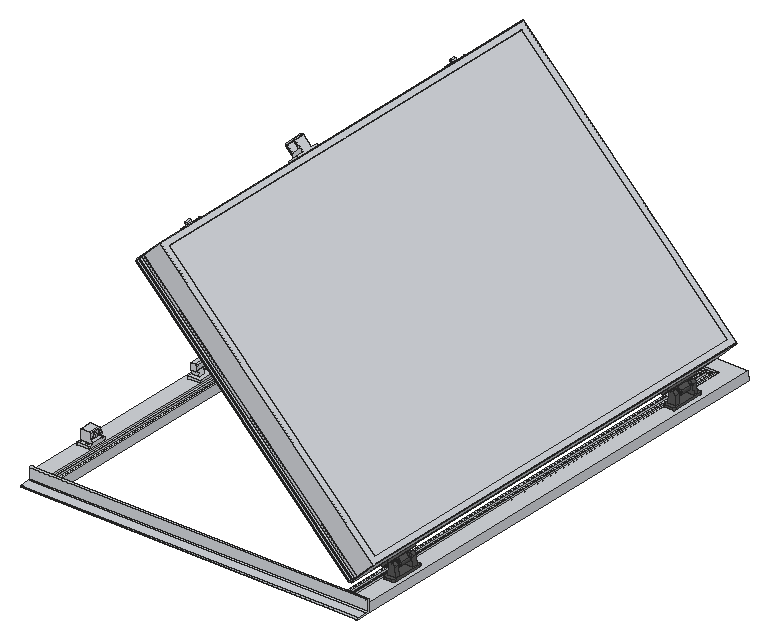
Revit family "Porta GBF", category Doors, host Face, Revit 2020
Family settings
  Host = Face
  Cut with Voids When Loaded = Yes
  Shared = No
  Room Calculation Point = No
Parameters (values of type "150 - 1400 x 2200")
  Width = Largura Vao Luz  # 1400 mm
  VISOR [instance] = yes
  VEDAÇÃO INFERIOR [instance] = yes
  TAMPÃO [instance] = ""
  TAG [instance] = ""
  RAL do TAMPÃO [instance] = none
  PISO [instance] = ""
  OBSERVAÇÃO [instance] = ""
  NÚCLEO = ""
  Material do Perfil [instance] = none
  Largura Vao Luz = 1400 mm
  Height = Altura Vao Luz  # 2200 mm
  FIXAÇÃO [instance] = ""
  Espessura Folha = 150 mm
  Espessura Painel [instance] = 200 mm
  Define Thermal Properties by = Schematic Type
  Default Elevation = 0 mm
  DETALHE [instance] = ""
  BUMPER [instance] = yes
  Angulo Abertura [instance] = 45.00°
  Altura Vao Luz = 2200 mm
  ABERTURA [instance] = ""
  4B [instance] = no
  3B [instance] = not([4B])  # yes
Types (3, lengths in mm): name | Width | Largura Vao Luz | Height | Espessura Folha | Espessura Painel | Angulo Abertura | Altura Vao Luz | 4B | 3B
  70 - 800 x 1800 | 800 | 800 | 1800 | 32 | 70 | 0.00° | 1800 | yes | no
  150 - 1400 x 2200 | 1400 | 1400 | 2200 | 150 | 200 | 45.00° | 2200 | no | yes
  100 - 1000 x 2100 | 1000 | 1000 | 2100 | 32 | 100 | 0.00° | 2100 | yes | no
Reference planes
  plane 1 "Centro (Frente/Trás)": y = 0
  plane 2: z = 0
  plane 3 "Centro (Esquerda/Direita)": x = 0
  plane 4: y = 2200
  plane 5: x = 445
  plane 6: y = 2257.5
  plane 7: z = -200
  plane 8: z = -100
  plane 9: z = 94.481
  plane 10: y = 271
  plane 11: y = 1993
  plane 12: x = 778.2
  plane 13: x = 935
  plane 14: x = 700
  plane 15: x = -700
  plane 16: y = 1020
  plane 17: z = 45
  plane 18: x = -790
  plane 19: y = 1943
  plane 20: y = 320
Forms (mm)
  Extrusion 1, void
    sketch origin (0, 0, 0) x (1, 0, 0) y (0, 1, 0)
      loop
        line (-700, 2257.5) -> (-700, 0) -> (700, 0) -> (700, 2257.5) -> (-700, 2257.5)
    from 0 to -200
Lines and regions (mm)
  reference lines
    curve 1: line (778.2, 0, 94.481) -> (722.925, 0, 149.756)
    curve 2: line (722.925, 0, 149.756) -> (747.674, 0, 174.504)
Dimensions and locks
  "Altura Vao Luz": plane 1 "Centro (Frente/Trás)" to plane 4
  plane 6 to plane 4 = 57.5 mm
  equal spacing: plane 2, plane 8, plane 7
  "Espessura Painel": plane 2 to plane 7
  locked: plane 9 to plane 2 at 94.481
  locked: plane 1 "Centro (Frente/Trás)" to plane 10 at 271
  locked: plane 11 to plane 4 at 207
  locked: plane 1 "Centro (Frente/Trás)" to plane 16 at 1020
  locked: plane 17 to plane 2 at 45
  equal spacing: plane 15, plane 3 "Centro (Esquerda/Direita)", plane 14
  "Largura Vao Luz": plane 15 to plane 14
  locked: plane 12 to plane 14 at 78.2
  curve 1 to curve 1 = 78.17 mm
  plane 18 to plane 15 = 90 mm
  locked: plane 19 to plane 6 at 314.5
  locked: plane 1 "Centro (Frente/Trás)" to plane 20 at 320
  "Angulo Abertura": angle curve 1 to plane 9
  locked: curve 1 to curve 2 (angle 90.00°)
  aligned and locked: plane 2 to host face
  aligned and locked: level to host face
  aligned and locked: Extrusion 1 sketch curve to plane 1 "Centro (Frente/Trás)"
  aligned and locked: Extrusion 1 sketch curve to plane 6
  aligned and locked: plane 3 "Centro (Esquerda/Direita)" to nested 1
  aligned and locked: plane 2 to nested 1
  aligned and locked: plane 12 to nested 3
  aligned and locked: Extrusion 1 sketch curve to plane 14
  aligned and locked: Extrusion 1 sketch curve to plane 15
  aligned and locked: plane 17 to nested 3
  aligned and locked: curve 1 to plane 9
  aligned and locked: plane 12 to nested 2
  aligned and locked: nested 2 to plane 9
  aligned and locked: plane 12 to curve 1
  aligned and locked: nested 4 to curve 1
  aligned and locked: nested 4 to curve 2
  aligned and locked: nested 6 to plane 18
  aligned and locked: nested 5 to plane 18
  aligned and locked: plane 17 to nested 5
  aligned and locked: nested 7 to plane 18
  aligned and locked: plane 17 to nested 7
  aligned and locked: plane 17 to nested 6
  aligned and locked: plane 16 to nested 6
  aligned and locked: nested 5 to plane 20
  aligned and locked: nested 7 to plane 19
  aligned and locked: Extrusion 1 to plane 7
Automatic sketch dimensions
  host sketch curve to host sketch curve = 2438.4 mm
  host sketch curve to host sketch curve = 3919.2 mm
Nested families
  nested 1: "GBF Moldura" at (0, 0, 0) x (1, 0, 0) z (0, 1, 0), Altura <- "Altura Vao Luz", Largura <- "Largura Vao Luz", 3b <- "3B", 4b <- "4B", Soleira <- "3B", Perfil <- "Material do Perfil", type "GC Moldura"
    with Soleira yes, Largura 1400 mm, Altura 2200 mm, 4b no, 3b yes
  nested 2: "GBF Dobradica" at (778.2, 271, 94.481) x (1, 0, 0) z (0, 1, 0), Angulo Abertura <- "Angulo Abertura", type "GC Dobradica"
    with Borracha Borracha, Angulo Abertura 45.00°
  nested 3: "GBF Dobradica" at (778.2, 1993, 94.481) x (1, 0, 0) z (0, 1, 0), Angulo Abertura <- "Angulo Abertura", type "GC Dobradica"
    with Borracha Borracha, Angulo Abertura 45.00°
  nested 4: "GBF Folha" at (160.068, 0, 576.848) x (0.7071, 0, -0.7071) z (0, 1, 0), Altura <- "Altura Vao Luz", Espessura <- "Espessura Folha", Largura <- "Largura Vao Luz", Perfil <- "Material do Perfil", TAMPÃO <- "RAL do TAMPÃO", type "GC Folha"
    with Largura 1400 mm, Espessura 150 mm, Altura 2200 mm
  nested 5: "GBF fechamento secundario" at (-790, 320, 45) x (1, 0, 0) z (0, 1, 0), Material <- "Material do Perfil", type "GBF fechamento secundario"
    with Material none
  nested 6: "GBF fechamento principal" at (-790, 1020, 45) x (1, 0, 0) z (0, 1, 0), Material <- "Material do Perfil", type "GBF fechamento principal"
    with Material none
  nested 7: "GBF fechamento secundario" at (-790, 1943, 45) x (1, 0, 0) z (0, 1, 0), Material <- "Material do Perfil", type "GBF fechamento secundario"
    with Material none
Definition of nested family "GBF Moldura"
  Parameters (values of type "GC Moldura")
    Soleira [instance] = yes
    Perfil [instance] = none
    Largura [instance] = 800 mm
    Default Elevation = 0 mm
    Altura [instance] = 2100 mm
    4b [instance] = yes
    3b [instance] = yes
  Reference planes
    plane 1 "Centro (Frente/Trás)": y = 0
    plane 2: z = 0
    plane 3 "Centro (Esquerda/Direita)": x = 0
    plane 4: x = -400
    plane 5: x = 400
    plane 6: z = 2100
    plane 7: x = -530
    plane 8: z = 2230
    plane 9: x = 530
  Forms (mm)
    Sweep 1, solid, material <- "Perfil", visible <- "3b"
      path origin (0, 0, 0) x (1, 0, 0) y (0, 0, 1)
        loop
          line (-400, 0) -> (-400, 2100) -> (400, 2100) -> (400, 0)
      profile "GC Perfil moldura : GC Perfil moldura" origin (-400, 0, 1050) x (-1, 0, 0) y (0, -1, 0)
        loop
          line (44, 3) -> (44, 16.5) -> (82, 16.5) -> (82, 3) -> (127, 3) -> (127, 42) -> (49.5, 42) -> (49.5, 33.5) -> (32.5, 33.5) -> (32.5, 41.5) -> (29, 41.5) -> (29, 33.5) -> (12, 33.5) -> (12, 42) -> (3, 42) -> (3, 3) -> (44, 3)
        loop
          line (54.5, 0) -> (54.5, 4) -> (47, 4) -> (47, 13.5) -> (79, 13.5) -> (79, 4) -> (71.5, 4) -> (71.5, 0) -> (130, 0) -> (130, 45) -> (46.5, 45) -> (46.5, 36.5) -> (35.5, 36.5) -> (35.5, 44.5) -> (26, 44.5) -> (26, 36.5) -> (15, 36.5) -> (15, 45) -> (0, 45) -> (0, 0) -> (54.5, 0)
    Extrusion 2, solid, material <- "Perfil", visible <- "Soleira"
      sketch origin (0, 0, 0) x (0, 1, 0) y (0, 0, 1)
        loop
          line (-60.174, -6.169) -> (-12.651, -7.828)
          arc (-12.651, -7.828) -> (-9.29, -9.29) -> (-7.828, -12.651) r 5
          line (-7.828, -12.651) -> (-6.169, -60.174)
          arc (-6.169, -60.174) -> (-4.645, -63.597) -> (-1.172, -65) r 5
          line (-1.172, -65) -> (0, -65) -> (0, 0) -> (-65, 0) -> (-65, -1.172)
          arc (-65, -1.172) -> (-63.597, -4.645) -> (-60.174, -6.169) r 5
      from -530 to 530
    Sweep 3, solid, material <- "Perfil", visible <- "4b"
      path origin (0, 0, 0) x (1, 0, 0) y (0, 0, 1)
        loop
          line (-400, 0) -> (400, 0) -> (400, 2100) -> (-400, 2100) -> (-400, 0)
      profile "GC Perfil moldura : GC Perfil moldura" origin (-400, 0, 1050) x (-1, 0, 0) y (0, -1, 0)
        loop
          line (44, 3) -> (44, 16.5) -> (82, 16.5) -> (82, 3) -> (127, 3) -> (127, 42) -> (49.5, 42) -> (49.5, 33.5) -> (32.5, 33.5) -> (32.5, 41.5) -> (29, 41.5) -> (29, 33.5) -> (12, 33.5) -> (12, 42) -> (3, 42) -> (3, 3) -> (44, 3)
        loop
          line (54.5, 0) -> (54.5, 4) -> (47, 4) -> (47, 13.5) -> (79, 13.5) -> (79, 4) -> (71.5, 4) -> (71.5, 0) -> (130, 0) -> (130, 45) -> (46.5, 45) -> (46.5, 36.5) -> (35.5, 36.5) -> (35.5, 44.5) -> (26, 44.5) -> (26, 36.5) -> (15, 36.5) -> (15, 45) -> (0, 45) -> (0, 0) -> (54.5, 0)
  Dimensions and locks
    equal spacing: plane 4, plane 3 "Centro (Esquerda/Direita)", plane 5
    "Largura": plane 4 to plane 5
    "Altura": plane 6 to plane 2
    locked: plane 7 to plane 4 at 130
    locked: plane 8 to plane 6 at 130
    equal spacing: plane 9, plane 3 "Centro (Esquerda/Direita)", plane 7
    aligned and locked: level to plane 2
    aligned and locked: plane 2 to Extrusion 2 sketch curve
    aligned and locked: plane 1 "Centro (Frente/Trás)" to Extrusion 2 sketch curve
    aligned and locked: plane 7 to Extrusion 2
    aligned and locked: plane 9 to Extrusion 2
  Automatic sketch dimensions
    plane 4 to Sweep 1 sketch curve = 0 mm
    Sweep 1 sketch curve to level = 0 mm  (x2)
    Sweep 1 sketch curve to plane 5 = 0 mm
    Sweep 1 sketch curve to plane 6 = 0 mm
    plane 1 "Centro (Frente/Trás)" to Extrusion 2 sketch curve = 1.172 mm
    Extrusion 2 sketch curve to Extrusion 2 sketch curve = 4.997 mm
    plane 1 "Centro (Frente/Trás)" to Extrusion 2 sketch curve = 7.828 mm
    Extrusion 2 sketch curve to Extrusion 2 sketch curve = 4.822 mm  (x2)
    Extrusion 2 sketch curve to Extrusion 2 sketch curve = 0.174 mm  (x3)
    Extrusion 2 sketch curve to level = 1.172 mm
    Extrusion 2 sketch curve to Extrusion 2 sketch curve = 47.349 mm  (x2)
    Extrusion 2 sketch curve to level = 6.169 mm
    Extrusion 2 sketch curve to level = 7.828 mm
    plane 4 to Sweep 3 sketch curve = 0 mm
    Sweep 3 sketch curve to plane 5 = 0 mm
    Sweep 3 sketch curve to level = 0 mm
    Sweep 3 sketch curve to plane 6 = 0 mm
Definition of nested family "GBF Dobradica"
  Parameters (values of type "GC Dobradica")
    Default Elevation = 1219.2 mm
    Borracha [instance] = none
    Angulo Abertura [instance] = 90.00°
  Reference planes
    plane 1 "Centro (Frente/Trás)": y = 0
    plane 2: z = 0
    plane 3 "Centro (Esquerda/Direita)": x = 0
    plane 4: y = 49.481
    plane 5: x = 9
    plane 6: x = -33.17
    plane 7: x = 27.75
    plane 8: x = -27.75
    plane 9: z = 82
    plane 10: z = -86
    plane 11: y = 38.481
    plane 12: z = 62
    plane 13: z = 40
    plane 14: z = -47
    plane 15: z = -66
  Forms (mm)
    Revolve 1, solid, material <- "Borracha"
      sketch origin (0, 0, 0) x (1, 0, 0) y (0, 0, 1)
        loop
          line (14, -27.007) -> (0, -27.007) -> (0, -47) -> (14, -47) -> (14, -38)
          arc (14, -38) -> (13.707, -37.293) -> (13, -37) r 1
          arc (13, -37) -> (13.707, -36.707) -> (14, -36) r 1
          line (14, -36) -> (14, -27.007)
        axis (0, -47) -> (0, -27.007)
      angle from 0 to 360
    Revolve 2, solid, material <- "Borracha"
      sketch origin (0, 0, 0) x (1, 0, 0) y (0, 0, -1)
        loop
          line (5.156, -27) -> (0, -27) -> (0, -40) -> (5.156, -40) -> (5.156, -27)
        axis (0, -40) -> (0, -27)
      angle from 0 to 360
    Extrusion 3, solid, material <- "Borracha"
      sketch origin (-17.75, -1524, -66) x (-1, 0, 0) y (0, -1, 0)
        loop
          line (1.5, -1562.481) -> (-1.436, -1520.505)
          arc (-1.436, -1520.505) -> (-5.854, -1511.242) -> (-15.402, -1507.481) r 14
          line (-15.402, -1507.481) -> (-20.098, -1507.481)
          arc (-20.098, -1507.481) -> (-29.646, -1511.242) -> (-34.064, -1520.505) r 14
          line (-34.064, -1520.505) -> (-37, -1562.481) -> (1.5, -1562.481)
      from 0 to 19
    Extrusion 4, solid, material <- "Borracha"
      sketch origin (-17.75, -1524, 40) x (-1, 0, 0) y (0, -1, 0)
        loop
          line (1.5, -1562.481) -> (-1.436, -1520.505)
          arc (-1.436, -1520.505) -> (-5.854, -1511.242) -> (-15.402, -1507.481) r 14
          line (-15.402, -1507.481) -> (-20.098, -1507.481)
          arc (-20.098, -1507.481) -> (-29.646, -1511.242) -> (-34.064, -1520.505) r 14
          line (-34.064, -1520.505) -> (-37, -1562.481) -> (1.5, -1562.481)
      from 0 to 22
    Extrusion 5, solid, material <- "Borracha"
      sketch origin (0, -33.17, 0) x (0, 0, 1) y (-1, 0, 0)
        loop
          line (82, -21) -> (82, 21) -> (-86, 21) -> (-86, -21) -> (82, -21)
      from 0 to -13
    Extrusion 6, solid, material <- "Borracha"
      sketch origin (-2.349, 38.481, 1200) x (-1, 0, 0) y (0, 0, 1)
        loop
          line (-20.099, -1286) -> (15.401, -1286)
          arc (15.401, -1286) -> (22.472, -1283.071) -> (25.401, -1276) r 10
          line (25.401, -1276) -> (25.401, -1128)
          arc (25.401, -1128) -> (22.472, -1120.929) -> (15.401, -1118) r 10
          line (15.401, -1118) -> (-20.099, -1118)
          arc (-20.099, -1118) -> (-27.17, -1120.929) -> (-30.099, -1128) r 10
          line (-30.099, -1128) -> (-30.099, -1276)
          arc (-30.099, -1276) -> (-27.17, -1283.071) -> (-20.099, -1286) r 10
      from 0 to 11
  Lines and regions (mm)
    reference lines
      curve 1: line (0, 0, 0) -> (0, -33.17, 0)
  Dimensions and locks
    locked: plane 4 to plane 11 at 11
    locked: Extrusion 5 sketch curve to Extrusion 5 sketch curve at 42
    locked: curve 1 to curve 1 at 33.17
    "Angulo Abertura": angle plane 1 "Centro (Frente/Trás)" to curve 1
    aligned and locked: level to plane 2
    aligned and locked: plane 14 to Extrusion 3
    aligned and locked: plane 12 to Extrusion 4
    aligned and locked: Extrusion 6 to plane 4
    aligned and locked: plane 3 "Centro (Esquerda/Direita)" to curve 1
    aligned and locked: plane 1 "Centro (Frente/Trás)" to curve 1
  Automatic sketch dimensions
    Revolve 1 sketch curve to plane 3 "Centro (Esquerda/Direita)" = 0 mm  (x2)
    Revolve 1 sketch curve to plane 14 = 0 mm
    Revolve 1 sketch curve to level = 0 mm
    plane 5 to Revolve 1 sketch curve = 4 mm
    plane 5 to Revolve 1 sketch curve = 5 mm  (x2)
    plane 14 to Revolve 1 sketch curve = 9 mm
    Revolve 1 sketch curve to Revolve 1 sketch curve = 1 mm
    Revolve 1 sketch curve to Revolve 1 sketch curve = 8.993 mm
    Revolve 1 sketch curve to plane 15 = 1.09 mm
    Revolve 2 sketch curve to plane 3 "Centro (Esquerda/Direita)" = 0 mm  (x2)
    Revolve 2 sketch curve to plane 13 = 0 mm
    Revolve 2 sketch curve to level = 0 mm
    plane 5 to Revolve 2 sketch curve = 3.844 mm
    plane 13 to Revolve 2 sketch curve = 13 mm
    Revolve 2 sketch curve to plane 12 = 5.09 mm
    Extrusion 3 sketch curve to plane 11 = 0 mm
    Extrusion 3 sketch curve to plane 7 = 8.5 mm
    plane 1 "Centro (Frente/Trás)" to Extrusion 3 sketch curve = 3.495 mm  (x2)
    plane 5 to Extrusion 3 sketch curve = 7.314 mm
    plane 3 "Centro (Esquerda/Direita)" to Extrusion 3 sketch curve = 2.348 mm
    Extrusion 3 sketch curve to plane 3 "Centro (Esquerda/Direita)" = 2.348 mm
    Extrusion 3 sketch curve to plane 8 = 11.436 mm
    Extrusion 3 sketch curve to plane 8 = 8.5 mm
    plane 1 "Centro (Frente/Trás)" to Extrusion 3 sketch curve = 2.518 mm
    Extrusion 4 sketch curve to plane 11 = 0 mm
    Extrusion 4 sketch curve to plane 7 = 8.5 mm
    plane 1 "Centro (Frente/Trás)" to Extrusion 4 sketch curve = 3.495 mm  (x2)
    plane 5 to Extrusion 4 sketch curve = 7.314 mm
    plane 3 "Centro (Esquerda/Direita)" to Extrusion 4 sketch curve = 2.348 mm
    Extrusion 4 sketch curve to plane 3 "Centro (Esquerda/Direita)" = 2.348 mm
    Extrusion 4 sketch curve to plane 8 = 11.436 mm
    Extrusion 4 sketch curve to plane 8 = 8.5 mm
    plane 1 "Centro (Frente/Trás)" to Extrusion 4 sketch curve = 2.518 mm
    Extrusion 5 sketch curve to plane 14 = 39 mm
    plane 13 to Extrusion 5 sketch curve = 42 mm
    Extrusion 6 sketch curve to plane 7 = 0 mm
    Extrusion 6 sketch curve to plane 9 = 0 mm
    Extrusion 6 sketch curve to plane 10 = 0 mm
    plane 8 to Extrusion 6 sketch curve = 0 mm
    plane 5 to Extrusion 6 sketch curve = 8.75 mm  (x2)
    Extrusion 6 sketch curve to plane 8 = 10 mm
    Extrusion 6 sketch curve to plane 15 = 10 mm
  Nested families
    nested 1: "Dobradica Parte" at (0, -20.17, 0) x (-1, 0, 0) z (0, 0, 1), Borracha <- "Borracha", type "Dobradica Parte"
  Definition of nested family "Dobradica Parte"
    Parameters (values of type "Dobradica Parte")
      Default Elevation = 1219.2 mm
      Borracha [instance] = none
    Reference planes
      plane 1 "Centro (Frente/Trás)": y = 0
      plane 2: z = 0
      plane 3 "Centro (Esquerda/Direita)": x = 0
    Forms (mm)
      Extrusion 1, solid, material <- "Borracha"
        sketch origin (-1524, -2.42, 40) x (0, 1, 0) y (-1, 0, 0)
          loop
            line (2.42, -1539.917) -> (2.42, -1508.083) -> (-21.109, -1510.855)
            arc (-21.109, -1510.855) -> (-32.744, -1523.909) -> (-21.173, -1537.02) r 13.177
            line (-21.173, -1537.02) -> (2.42, -1539.917)
        from -67.007 to -13.003
    Dimensions and locks
      aligned and locked: level to plane 2
Definition of nested family "GBF Folha"
  Parameters (values of type "GC Folha")
    TAMPÃO [instance] = none
    Perfil [instance] = none
    Largura [instance] = 800 mm
    Espessura [instance] = 50 mm
    Default Elevation = 0 mm
    Altura [instance] = 2100 mm
  Reference planes
    plane 1 "Centro (Frente/Trás)": y = 0
    plane 2: z = 0
    plane 3 "Centro (Esquerda/Direita)": x = 0
    plane 4: x = -400
    plane 5: x = 400
    plane 6: x = -445
    plane 7: z = 2100
    plane 8: z = 2140
    plane 9: x = -404.1
    plane 10: z = 60
    plane 11: x = -415
    plane 12: y = -70
    plane 13: y = -120
    plane 14: y = -64
    plane 15: y = -45
    plane 16: x = -440.055
    plane 17: x = 440
    plane 18: z = 15
    plane 19: z = 20
    plane 20: y = -96
    plane 21: x = 440.055
    plane 22: z = 1020
    plane 23: z = 320
    plane 24: z = 1843
  Forms (mm)
    Sweep 1, solid, material <- "Perfil"
      path origin (0, 0, 0) x (1, 0, 0) y (0, 0, 1)
        loop
          line (-400, 60) -> (400, 60) -> (400, 2100) -> (-400, 2100) -> (-400, 60)
      profile origin (-400, 0, 1080) x (-1, 0, 0) y (0, -1, 0)
        loop
          line (15, 70) -> (15.002, 69)
          arc (15.002, 69) -> (16.466, 65.464) -> (20.002, 64) r 5
          line (20.002, 64) -> (28.455, 64) -> (28.455, 65.5) -> (20.955, 65.5) -> (20.955, 69) -> (42.955, 69) -> (42.955, 65.5) -> (35.455, 65.5) -> (35.455, 64) -> (45, 64) -> (45, 122) -> (15, 122) -> (15, 120) -> (43, 120) -> (43, 70) -> (15, 70)
    Extrusion 2, solid, material <- "TAMPÃO"
      sketch origin (-426.904, -120, 1200) x (1, 0, 0) y (0, 0, 1)
        loop
          line (-13.151, 940) -> (-13.151, -1180) -> (866.904, -1180) -> (866.904, 940) -> (-13.151, 940)
      from 0 to -50
    Sweep 3, solid
      path origin (0, 0, 0) x (1, 0, 0) y (0, 0, 1)
        loop
          line (-400, 60) -> (-400, 2100) -> (400, 2100) -> (400, 60)
      profile origin (-400, 0, 1080) x (-1, 0, 0) y (0, -1, 0)
        loop
          line (18.855, 64) -> (18.855, 47.068)
          arc (18.855, 47.068) -> (31.37, 34.013) -> (45, 45.898) r 13.1
          line (45, 45.898) -> (45, 64) -> (35.455, 64) -> (35.455, 65.5) -> (42.955, 65.5) -> (42.955, 69) -> (20.955, 69) -> (20.955, 65.5) -> (28.455, 65.5) -> (28.455, 64) -> (18.855, 64)
        loop
          line (22.855, 60) -> (22.855, 47.1)
          arc (22.855, 47.1) -> (31.955, 37.98) -> (41.055, 47.08) r 9.1
          line (41.055, 47.08) -> (41.055, 60) -> (22.855, 60)
    Extrusion 4, solid, material <- "Perfil"
      sketch origin (0, 0, 0) x (0, 1, 0) y (0, 0, 1)
        loop
          line (-95.552, 11) -> (-94, 4) -> (-92.448, 11) -> (-85.552, 11) -> (-84, 4) -> (-82.448, 11) -> (-75.552, 11) -> (-74, 4) -> (-72.448, 11) -> (-58.417, 11) -> (-60, 41.2) -> (-64, 41.2) -> (-64, 31.6) -> (-65.5, 31.6) -> (-65.5, 39.1) -> (-69, 39.1) -> (-69, 17.1) -> (-65.5, 17.1) -> (-65.5, 24.6) -> (-64, 24.6) -> (-64, 15) -> (-108.417, 15) -> (-108.417, 11) -> (-95.552, 11)
      from -440.055 to 440.055
  Dimensions and locks
    equal spacing: plane 4, plane 3 "Centro (Esquerda/Direita)", plane 5
    "Largura": plane 4 to plane 5
    locked: plane 6 to plane 4 at 45
    "Altura": plane 7 to plane 2
    locked: plane 8 to plane 7 at 40
    locked: plane 10 to plane 2 at 60
    locked: plane 11 to plane 4 at 15
    locked: plane 12 to plane 1 "Centro (Frente/Trás)" at 70
    "Espessura": plane 13 to plane 12
    locked: plane 12 to plane 14 at 6
    plane 14 to plane 15 to plane 1 "Centro (Frente/Trás)" = 19 mm locked, 45 mm locked
    locked: plane 6 to plane 16 at 4.945
    locked: plane 10 to plane 18 at 45
    locked: plane 10 to plane 19 at 40
    locked: plane 14 to plane 20 at 32
    equal spacing: plane 21, plane 3 "Centro (Esquerda/Direita)", plane 16
    locked: plane 22 to level at 1020
    locked: plane 23 to level at 320
    locked: plane 24 to plane 7 at 257
    aligned and locked: level to plane 2
    aligned and locked: Sweep 1 sketch curve to plane 10
    aligned and locked: Sweep 1 sketch curve to plane 4
    aligned and locked: plane 5 to Sweep 1 sketch curve
    aligned and locked: Sweep 1 sketch curve to plane 7
    aligned and locked: Sweep 1 sketch curve to plane 12
    aligned and locked: Sweep 1 sketch curve to plane 13
    aligned and locked: Sweep 1 sketch curve to plane 6
    aligned and locked: Sweep 1 sketch curve to plane 11
    aligned and locked: Sweep 3 sketch curve to plane 14
    aligned and locked: Sweep 3 sketch curve to plane 6
    aligned and locked: Extrusion 2 to plane 16
    aligned and locked: plane 8 to Extrusion 2
    aligned and locked: plane 18 to Extrusion 4 sketch curve
    aligned and locked: plane 14 to Extrusion 4 sketch curve
    aligned and locked: Extrusion 4 to plane 16
    aligned and locked: Extrusion 2 sketch curve to plane 19
    aligned and locked: Extrusion 2 to plane 12
    aligned and locked: Extrusion 4 to plane 21
    aligned and locked: nested 1 to plane 20
    aligned and locked: plane 6 to nested 1
    aligned and locked: plane 22 to nested 1
    aligned and locked: nested 2 to plane 20
    aligned and locked: plane 6 to nested 2
    aligned and locked: nested 3 to plane 20
    aligned and locked: plane 6 to nested 3
    aligned and locked: plane 24 to nested 3
    aligned and locked: plane 23 to nested 2
  Automatic sketch dimensions
    Sweep 1 sketch curve to Sweep 1 sketch curve = 1.5 mm  (x2)
    Sweep 1 sketch curve to Sweep 1 sketch curve = 7.5 mm  (x2)
    Sweep 1 sketch curve to Sweep 1 sketch curve = 2.045 mm
    Sweep 1 sketch curve to Sweep 1 sketch curve = 3.5 mm  (x2)
    Sweep 1 sketch curve to Sweep 1 sketch curve = 5.955 mm
    Sweep 1 sketch curve to Sweep 1 sketch curve = 7 mm
    Sweep 1 sketch curve to Sweep 1 sketch curve = 0.953 mm
    Sweep 1 sketch curve to Sweep 1 sketch curve = 0 mm  (x2)
    Sweep 1 sketch curve to Sweep 1 sketch curve = 1 mm
    Sweep 1 sketch curve to Sweep 1 sketch curve = 2 mm  (x2)
    plane 4 to Sweep 3 sketch curve = 0 mm
    Sweep 3 sketch curve to plane 5 = 0 mm
    Sweep 3 sketch curve to plane 7 = 0 mm
    Sweep 3 sketch curve to profile plane = 18.855 mm
    Sweep 3 sketch curve to Sweep 3 sketch curve = 16.932 mm
    Sweep 3 sketch curve to Sweep 3 sketch curve = 13.1 mm
    Sweep 3 sketch curve to Sweep 3 sketch curve = 0.032 mm  (x2)
    Sweep 3 sketch curve to Sweep 3 sketch curve = 9.6 mm
    Sweep 3 sketch curve to Sweep 3 sketch curve = 1.5 mm  (x2)
    Sweep 3 sketch curve to Sweep 3 sketch curve = 7 mm
    Sweep 3 sketch curve to Sweep 3 sketch curve = 7.5 mm
    Sweep 3 sketch curve to Sweep 3 sketch curve = 3.5 mm
    Sweep 3 sketch curve to Sweep 3 sketch curve = 2.1 mm
    Sweep 3 sketch curve to Sweep 3 sketch curve = 0 mm  (x2)
    Sweep 3 sketch curve to Sweep 3 sketch curve = 4 mm  (x2)
    Sweep 3 sketch curve to Sweep 3 sketch curve = 3.945 mm
    Sweep 3 sketch curve to Sweep 3 sketch curve = 0.02 mm
    plane 7 to Extrusion 2 sketch curve = 40 mm
    plane 5 to Extrusion 2 sketch curve = 40 mm
    plane 4 to Extrusion 2 sketch curve = 40.055 mm
    Sweep 3 sketch curve to plane 10 = 0 mm  (x2)
    Extrusion 4 sketch curve to plane 18 = 4 mm  (x3)
    plane 12 to Extrusion 4 sketch curve = 38.417 mm
    Extrusion 4 sketch curve to Extrusion 4 sketch curve = 12.865 mm
    level to Extrusion 4 sketch curve = 4 mm  (x3)
    Extrusion 4 sketch curve to Extrusion 4 sketch curve = 1.552 mm  (x2)
    Extrusion 4 sketch curve to Extrusion 4 sketch curve = 3.104 mm  (x2)
    Extrusion 4 sketch curve to Extrusion 4 sketch curve = 6.896 mm
    plane 12 to Extrusion 4 sketch curve = 5.552 mm
    plane 12 to Extrusion 4 sketch curve = 4 mm
    plane 12 to Extrusion 4 sketch curve = 2.448 mm
    Extrusion 4 sketch curve to plane 12 = 1 mm
    plane 14 to Extrusion 4 sketch curve = 1.5 mm  (x2)
    Extrusion 4 sketch curve to plane 14 = 5.583 mm
    Extrusion 4 sketch curve to Extrusion 4 sketch curve = 0 mm
    plane 18 to Extrusion 4 sketch curve = 2.1 mm
    Extrusion 4 sketch curve to Extrusion 4 sketch curve = 7 mm
    Extrusion 4 sketch curve to Extrusion 4 sketch curve = 7.5 mm  (x2)
    Extrusion 4 sketch curve to Extrusion 4 sketch curve = 2.1 mm
    Extrusion 4 sketch curve to Extrusion 4 sketch curve = 4 mm
    Extrusion 4 sketch curve to plane 14 = 0 mm
  Nested families
    nested 1: "GBF fechamento principal folha" at (-445, -96, 1020) x (0, -1, 0) z (0, 0, 1), Material <- "Perfil", type "GBF fechamento principal folha"
      with Material none
    nested 2: "GBF fechamento secundario folha" at (-445, -96, 320) x (0, -1, 0) z (0, 0, 1), Material <- "Perfil", type "GBF fechamento secundario folha"
      with Material none
    nested 3: "GBF fechamento secundario folha" at (-445, -96, 1843) x (0, -1, 0) z (0, 0, 1), Material <- "Perfil", type "GBF fechamento secundario folha"
      with Material none
  Definition of nested family "GBF fechamento principal folha"
    Parameters (values of type "GBF fechamento principal folha")
      Material [instance] = none
      Default Elevation = 0 mm
    Reference planes
      plane 1 "Centro (Frente/Trás)": y = 0
      plane 2: z = 0
      plane 3 "Centro (Esquerda/Direita)": x = 0
    Forms (mm)
      Extrusion 1, solid
        sketch origin (-15.697, 0, -59) x (1, 0, 0) y (0, 0, 1)
          loop
            line (-18.159, 118.397) -> (-18.159, -0.397) -> (41.237, -0.397) -> (41.237, 118.397) -> (-18.159, 118.397)
        from 0 to 13.7
      Extrusion 2, solid
        sketch origin (-15.697, 0, 0) x (1, 0, 0) y (0, 1, 0)
          loop
            line (-18.159, -13.7) -> (-18.159, -72.7)
            arc (-18.159, -72.7) -> (-16.695, -76.236) -> (-13.159, -77.7) r 5
            line (-13.159, -77.7) -> (36.237, -77.7)
            arc (36.237, -77.7) -> (39.773, -76.236) -> (41.237, -72.7) r 5
            line (41.237, -72.7) -> (41.237, -13.7) -> (-18.159, -13.7)
          loop
            line (33.737, -31.653) -> (-10.659, -31.653) -> (-10.659, -70.2) -> (33.737, -70.2) -> (33.737, -31.653)
        from -25.643 to 24.831
    Cuts and joins
      joined: Extrusion 1, Extrusion 2
    Dimensions and locks
      aligned and locked: level to plane 2
  Definition of nested family "GBF fechamento secundario folha"
    Parameters (values of type "GBF fechamento secundario folha")
      Material [instance] = none
      Default Elevation = 0 mm
    Reference planes
      plane 1 "Centro (Frente/Trás)": y = 0
      plane 2: z = 0
      plane 3 "Centro (Esquerda/Direita)": x = 0
    Forms (mm)
      Extrusion 1, solid
        sketch origin (-0.697, 0, -59) x (1, 0, 0) y (0, 0, 1)
          loop
            arc (-16.081, 100.121) -> (-19.616, 98.656) -> (-21.081, 95.121) r 5
            line (-21.081, 95.121) -> (-21.081, 22.879)
            arc (-21.081, 22.879) -> (-19.616, 19.344) -> (-16.081, 17.879) r 5
            line (-16.081, 17.879) -> (17.475, 17.879)
            arc (17.475, 17.879) -> (21.01, 19.344) -> (22.475, 22.879) r 5
            line (22.475, 22.879) -> (22.475, 95.121)
            arc (22.475, 95.121) -> (21.01, 98.656) -> (17.475, 100.121) r 5
            line (17.475, 100.121) -> (-16.081, 100.121)
        from 0 to 8
      Extrusion 2, solid
        sketch origin (-0.697, 0, 0) x (1, 0, 0) y (0, 1, 0)
          loop
            arc (3.808, -9.623) -> (4.284, -8.475) -> (5.431, -8) r 1.623
            line (5.431, -8) -> (-9.37, -8)
            arc (-9.37, -8) -> (-8.223, -8.475) -> (-7.747, -9.623) r 1.623
            line (-7.747, -9.623) -> (-7.747, -21.397)
            arc (-7.747, -21.397) -> (-0.268, -22.444) -> (3.808, -16.085) r 6.998
            line (3.808, -16.085) -> (3.808, -9.623)
        from -10.966 to 10.966
    Cuts and joins
      joined: Extrusion 1, Extrusion 2
    Dimensions and locks
      aligned and locked: level to plane 2
Definition of nested family "GBF fechamento secundario"
  Parameters (values of type "GBF fechamento secundario")
    Material [instance] = none
    Default Elevation = 1219.2 mm
  Reference planes
    plane 1 "Centro (Frente/Trás)": y = 0
    plane 2: z = 0
    plane 3 "Centro (Esquerda/Direita)": x = 0
  Forms (mm)
    Extrusion 1, solid
      sketch origin (-0.697, 0, -59) x (1, 0, 0) y (0, 0, 1)
        loop
          arc (-26.105, 109.259) -> (-29.358, 107.911) -> (-30.705, 104.659) r 4.6
          line (-30.705, 104.659) -> (-30.705, 13.341)
          arc (-30.705, 13.341) -> (-29.358, 10.089) -> (-26.105, 8.741) r 4.6
          line (-26.105, 8.741) -> (27.499, 8.741)
          arc (27.499, 8.741) -> (30.752, 10.089) -> (32.099, 13.341) r 4.6
          line (32.099, 13.341) -> (32.099, 104.659)
          arc (32.099, 104.659) -> (30.752, 107.911) -> (27.499, 109.259) r 4.6
          line (27.499, 109.259) -> (-26.105, 109.259)
        loop
          arc (-9.163, 90.753) -> (-5.051, 94.865) -> (-9.163, 98.977) r 4.112
          line (-9.163, 98.977) -> (-17.387, 98.977)
          arc (-17.387, 98.977) -> (-21.499, 94.865) -> (-17.387, 90.753) r 4.112
          line (-17.387, 90.753) -> (-9.163, 90.753)
        loop
          circle (18.849, 94.866) r 3.198
        loop
          arc (17.022, 19.022) -> (21.134, 23.134) -> (17.022, 27.246) r 4.112
          line (17.022, 27.246) -> (8.798, 27.246)
          arc (8.798, 27.246) -> (4.686, 23.134) -> (8.798, 19.022) r 4.112
          line (8.798, 19.022) -> (17.022, 19.022)
        loop
          circle (-19.215, 23.134) r 3.198
      from 0 to 11.111
    Extrusion 2, solid
      sketch origin (-0.697, 0, 0) x (1, 0, 0) y (0, 1, 0)
        loop
          line (-30.705, 0) -> (-27.665, -58.01)
          arc (-27.665, -58.01) -> (-26.286, -61.002) -> (-23.227, -62.222) r 4.444
          line (-23.227, -62.222) -> (16.988, -62.222)
          arc (16.988, -62.222) -> (20.131, -60.92) -> (21.433, -57.778) r 4.444
          line (21.433, -57.778) -> (21.433, -32.67)
          arc (21.433, -32.67) -> (21.683, -31.199) -> (22.407, -29.894) r 4.444
          line (22.407, -29.894) -> (31.125, -18.995)
          arc (31.125, -18.995) -> (31.849, -17.69) -> (32.099, -16.219) r 4.444
          line (32.099, -16.219) -> (32.099, 0) -> (-30.705, 0)
      from -26.043 to 26.043
    Extrusion 3, solid
      sketch origin (-0.697, 0, 0) x (1, 0, 0) y (0, 1, 0)
        loop
          arc (22.214, -30.154) -> (21.632, -31.353) -> (21.433, -32.67) r 4.444
          line (21.433, -32.67) -> (21.433, -55.111) -> (29.984, -55.111)
          arc (29.984, -55.111) -> (38.298, -45.189) -> (27.074, -38.739) r 8.444
          arc (27.074, -38.739) -> (23.29, -35.213) -> (22.214, -30.154) r 8.598
      from 9.595 to 17.495
    Extrusion 4, solid
      sketch origin (-0.697, 0, 0) x (1, 0, 0) y (0, 1, 0)
        loop
          arc (22.214, -30.154) -> (21.632, -31.353) -> (21.433, -32.67) r 4.444
          line (21.433, -32.67) -> (21.433, -55.111) -> (29.984, -55.111)
          arc (29.984, -55.111) -> (38.298, -45.189) -> (27.074, -38.739) r 8.444
          arc (27.074, -38.739) -> (23.29, -35.213) -> (22.214, -30.154) r 8.598
      from -17.495 to -9.595
    Extrusion 5, solid
      sketch origin (-0.697, 0, 0) x (1, 0, 0) y (0, 1, 0)
        loop
          arc (22.214, -30.154) -> (21.632, -31.353) -> (21.433, -32.67) r 4.444
          line (21.433, -32.67) -> (21.433, -55.111) -> (23.928, -55.111) -> (23.928, -36.182)
          arc (23.928, -36.182) -> (22.502, -33.33) -> (22.214, -30.154) r 8.598
      from -9.595 to 9.595
    Extrusion 6, void
      sketch origin (-0.697, 0, 0) x (1, 0, 0) y (0, 1, 0)
        loop
          line (-30.123, -11.111) -> (-30.705, 0) -> (-34.567, 0) -> (-34.567, -11.111) -> (-30.123, -11.111)
      from -50.259 to 50.259
  Cuts and joins
    joined: Extrusion 3, Extrusion 4, Extrusion 5
    Extrusion 6 cuts Extrusion 1
    Extrusion 6 cuts Extrusion 2
    joined: Extrusion 1, Extrusion 2
  Dimensions and locks
    aligned and locked: level to plane 2
Definition of nested family "GBF fechamento principal"
  Parameters (values of type "GBF fechamento principal")
    Material [instance] = none
    Default Elevation = 1219.2 mm
  Reference planes
    plane 1 "Centro (Frente/Trás)": y = 0
    plane 2: z = 0
    plane 3 "Centro (Esquerda/Direita)": x = 0
  Forms (mm)
    Extrusion 1, solid
      sketch origin (-0.697, 0, -59) x (1, 0, 0) y (0, 0, 1)
        loop
          line (-18.159, 64) -> (-18.159, -20.957) -> (41.237, -20.957) -> (41.237, 64) -> (-18.159, 64)
      from 0 to 11.111
    Extrusion 2, solid
      sketch origin (-0.697, 0, 0) x (1, 0, 0) y (0, 1, 0)
        loop
          line (-18.284, -62.222) -> (3.896, -62.222)
          arc (3.896, -62.222) -> (7.039, -60.92) -> (8.341, -57.778) r 4.444
          line (8.341, -57.778) -> (8.341, -35.598)
          arc (8.341, -35.598) -> (7.039, -32.455) -> (3.896, -31.153) r 4.444
          line (3.896, -31.153) -> (-18.284, -31.153)
          arc (-18.284, -31.153) -> (-21.426, -32.455) -> (-22.728, -35.598) r 4.444
          line (-22.728, -35.598) -> (-22.728, -57.778)
          arc (-22.728, -57.778) -> (-21.426, -60.92) -> (-18.284, -62.222) r 4.444
      from -61.681 to 303.836
    Extrusion 3, solid
      sketch origin (-0.697, 0, 0) x (1, 0, 0) y (0, 1, 0)
        loop
          line (-18.284, -31.153) -> (3.896, -31.153)
          arc (3.896, -31.153) -> (7.039, -32.455) -> (8.341, -35.598) r 4.444
          line (8.341, -35.598) -> (18.392, 0) -> (-12.677, 0) -> (-22.072, -33.273)
          arc (-22.072, -33.273) -> (-20.454, -31.719) -> (-18.284, -31.153) r 4.444
      from -56.598 to -25.643
  Cuts and joins
    joined: Extrusion 1, Extrusion 2
  Dimensions and locks
    aligned and locked: level to plane 2
